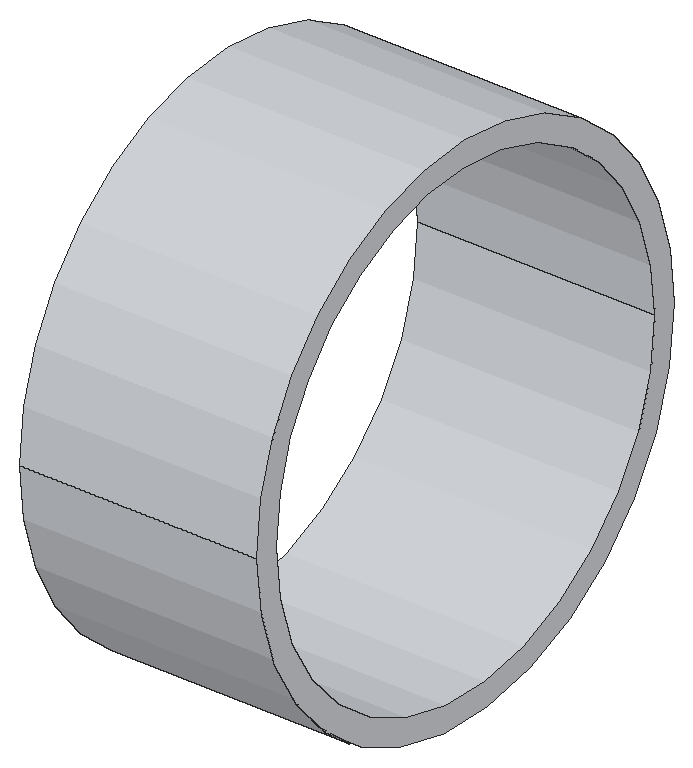
Revit family "支撑轴力", category 常规模型, Revit 2016
Family settings
  零件类型 = 标准
  可将钢筋附着到主体 = 否
  圆形连接件大小 = 使用直径
  基于工作平面 = 否
  加载时剪切的空心 = 否
  共享 = 否
  房间计算点 = 否
Parameters
  测点编号 [instance] = "ZL01"
  built-in parameter 1001306 [instance] = 200 mm
  直径 = 400 mm
  监测数据 [instance] = ""
  外径 = 直径 + 2 * 壁厚  # 440 mm
  壁厚 = 20 mm
Reference planes
  plane 1 "中心(前/后)": y = 0
  plane 2: z = 0
  plane 3 "左": x = 0
  plane 4 "右": x = 200
Forms (mm)
  Extrusion 1, solid
    sketch origin (0, 0, 0) x (0, 1, 0) y (0, 0, 1)
      loop
        circle (0, 0) r 220
    from 0 to 200
  Extrusion 2, void
    sketch origin (0, 0, 0) x (0, 1, 0) y (0, 0, 1)
      loop
        circle (0, 0) r 200
    from 0 to 200
Cuts and joins
  Extrusion 2 cuts Extrusion 1
Lines and regions (mm)
  reference lines
    curve 1: line (0, 0, 0) -> (200, 0, 0)
Dimensions and locks
  "built-in parameter 1001306": plane 3 "左" to plane 4 "右"
  "外径": diameter of Extrusion 1 sketch curve
  "直径": diameter of Extrusion 2 sketch curve
  aligned and locked: plane 4 "右" to curve 1
  aligned and locked: plane 1 "中心(前/后)" to curve 1
  aligned and locked: plane 3 "左" to curve 1
  aligned and locked: level to plane 2
  aligned and locked: plane 4 "右" to Extrusion 1
  aligned and locked: Extrusion 1 to plane 3 "左"
  aligned and locked: plane 4 "右" to cut or joined group of Extrusion 1, Extrusion 2
  aligned and locked: cut or joined group of Extrusion 1, Extrusion 2 to plane 3 "左"
Automatic sketch dimensions
  Extrusion 1 sketch curve to level = 0 mm
  Extrusion 1 sketch curve to plane 1 "中心(前/后)" = 0 mm
  Extrusion 2 sketch curve to level = 0 mm
  Extrusion 2 sketch curve to plane 1 "中心(前/后)" = 0 mm
